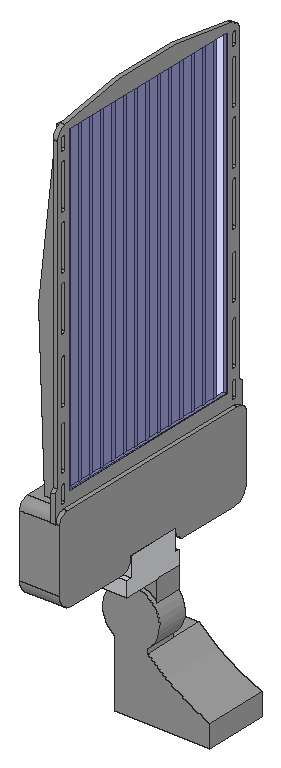
Revit family "Alcon-11430-L-Revit-Family", category Generic Models, host Face, Revit 2025
Family settings
  Host = Face
  Can host rebar = No
  Round Connector Dimension = Use Diameter
  Part Type = Normal
  Cut with Voids When Loaded = No
  Maintain Annotation Orientation = No
  Shared = No
  Room Calculation Point = No
Parameters
  URL = "https://www.alconlighting.com/"
  Product Page = "https://www.alconlighting.com/11403-l.html"
  Model = "11403-L"
  Manufacturer = "Alcon Lighting"
  Housing = Default
  Fixture Rotation = -90.00°
  Default Elevation = 4' - 0"
Reference planes (in)
  plane 1 "Center (Front/Back)": y = 0
  plane 2: z = 0
  plane 3 "Center (Left/Right)": x = 0
Forms (in)
  Extrusion 1, void
    sketch origin (0, 1.78036, 0) x (-1, 0, 0) y (0, 0, -1)
      loop
        line (0.91977, -3.51132) -> (-0.91977, -3.51132) -> (-0.91977, -3.76132)
        arc (-0.91977, -3.76132) -> (0, -6.63158) -> (0.91977, -3.76132) r 1.5825
        line (0.91977, -3.76132) -> (0.91977, -3.51132)
    from -0.01749 to 1.81641
  Extrusion 2, solid, material "Default" <- "Housing"
    sketch origin (0, 0.01855, 0) x (-1, 0, 0) y (0, 0, -1)
      loop
        line (-4.4084, 0) -> (-4.4084, -1.25)
        arc (-4.4084, -1.25) -> (-2.54195, -2.19223) -> (-0.91977, -3.51132) r 9.73386
        line (-0.91977, -3.51132) -> (-0.91977, -3.76132)
        arc (-0.91977, -3.76132) -> (0, -6.63158) -> (0.91977, -3.76132) r 1.5825
        line (0.91977, -3.76132) -> (0.91977, 0) -> (-4.4084, 0)
    from -1.7793 to 1.81641
Cuts and joins
  Extrusion 1 cuts Extrusion 2
Lines and regions (in)
  reference lines
    curve 1: line (9.5, 0, 5.04908) -> (-12.75, 0, 5.04908)
Dimensions and locks (in)
  "Fixture Rotation": angle nested 1 to curve 1
  aligned and locked: plane 2 to host face
  aligned and locked: level to host face
Automatic sketch dimensions
  host sketch curve to host sketch curve = 8' - 0"  (x2)
  level to curve 1 = 0' - 5.04908"
  curve 1 to plane 3 "Center (Left/Right)" = 1' - 0 3/4"
  plane 3 "Center (Left/Right)" to curve 1 = 0' - 9 1/2"
  Extrusion 1 sketch curve to plane 3 "Center (Left/Right)" = 0' - 0"
  plane 3 "Center (Left/Right)" to Extrusion 1 sketch curve = 0' - 0.91977"
  Extrusion 1 sketch curve to plane 3 "Center (Left/Right)" = 0' - 0.91977"
  level to Extrusion 1 sketch curve = 0' - 5.04908"
  Extrusion 1 sketch curve to Extrusion 1 sketch curve = 0' - 1.28776"
  Extrusion 1 sketch curve to Extrusion 1 sketch curve = 0' - 0 1/4"
  Extrusion 2 sketch curve to level = 0' - 0"
  Extrusion 2 sketch curve to plane 3 "Center (Left/Right)" = 0' - 0"
  plane 3 "Center (Left/Right)" to Extrusion 2 sketch curve = 0' - 0.91977"
  plane 3 "Center (Left/Right)" to Extrusion 2 sketch curve = 0' - 4.4084"
  plane 3 "Center (Left/Right)" to Extrusion 2 sketch curve = 0' - 7.83643"
  Extrusion 2 sketch curve to plane 3 "Center (Left/Right)" = 0' - 0.91977"
  Extrusion 2 sketch curve to Extrusion 2 sketch curve = 0' - 1 1/4"
  level to Extrusion 2 sketch curve = 0' - 3.51132"
  Extrusion 2 sketch curve to Extrusion 2 sketch curve = 0' - 0 1/4"
  Extrusion 2 sketch curve to Extrusion 2 sketch curve = 0' - 1.28776"
Nested families (in)
  nested 1: "Alcon-11430-L-Housing-Revit-Family" at (0, -1.79785, 5.04908) x (0, 0, -1) z (0, -1, 0), type "Alcon-11430-L-Housing-Revit-Family"
    with built-in parameter 1001306 0.75 (stored number, unit not read)
Definition of nested family "Alcon-11430-L-Housing-Revit-Family"
  Parameters (values of type "Alcon-11430-L-Housing-Revit-Family")
    Lens = none
    built-in parameter 1001306 [instance] = 4' - 0"
    Housing = none
    Default Elevation = 0' - 0"
  Reference planes (in)
    plane 1 "Center (Front/Back)": y = 0
    plane 2: z = 0
    plane 3 "Left": x = 0
    plane 4 "Right": x = 48
  Forms (in)
    Extrusion 1, solid, material <- "Housing"
      sketch origin (0, 1.21523, 1.87728) x (0, 0, 1) y (1, 0, 0)
        loop
          arc (4.60888, -4.25193) -> (4.36966, -3.6744) -> (3.79213, -3.43518) r 0.81675
          line (3.79213, -3.43518) -> (0.30348, -3.43518)
          arc (0.30348, -3.43518) -> (-0.12206, -3.61144) -> (-0.29832, -4.03698) r 0.6018
          line (-0.29832, -4.03698) -> (-0.29832, -4.1739) -> (-3.48038, -4.1739) -> (-3.48038, -4.02126)
          arc (-3.48038, -4.02126) -> (-3.65204, -3.60684) -> (-4.06647, -3.43518) r 0.58609
          line (-4.06647, -3.43518) -> (-7.52581, -3.43518)
          arc (-7.52581, -3.43518) -> (-8.13767, -3.68862) -> (-8.39112, -4.30049) r 0.86531
          line (-8.39112, -4.30049) -> (-8.39112, -7.76607)
          arc (-8.39112, -7.76607) -> (-8.22944, -8.1564) -> (-7.83911, -8.31808) r 0.55201
          line (-7.83911, -8.31808) -> (4.0802, -8.31808)
          arc (4.0802, -8.31808) -> (4.45403, -8.16323) -> (4.60888, -7.7894) r 0.52868
          line (4.60888, -7.7894) -> (4.60888, -4.25193)
      from 0 to -2.23062
    Extrusion 2, solid, material <- "Housing"
      sketch origin (0, -0.25, 0) x (0, 0, 1) y (-1, 0, 0)
        loop
          line (-6.51384, 9.30168) -> (-6.51384, 7.76607)
          arc (-6.51384, 7.76607) -> (-6.35216, 8.1564) -> (-5.96183, 8.31808) r 0.55201
          line (-5.96183, 8.31808) -> (5.95748, 8.31808)
          arc (5.95748, 8.31808) -> (6.33132, 8.16323) -> (6.48616, 7.7894) r 0.52868
          line (6.48616, 7.7894) -> (6.48616, 9.2982) -> (6.3059, 9.47846) -> (6.3059, 26.85198)
          arc (6.3059, 26.85198) -> (6.16546, 27.25935) -> (5.80381, 27.49362) r 0.66104
          arc (5.80381, 27.49362) -> (-0.03659, 28.20369) -> (-5.87574, 27.48348) r 24.20128
          arc (-5.87574, 27.48348) -> (-6.20806, 27.26759) -> (-6.33706, 26.89289) r 0.60871
          line (-6.33706, 26.89289) -> (-6.33706, 9.47846) -> (-6.51384, 9.30168)
        loop
          arc (5.80835, 8.64573) -> (5.83559, 8.57997) -> (5.90136, 8.55272) r 0.09301
          line (5.90136, 8.55272) -> (6.01248, 8.55272)
          arc (6.01248, 8.55272) -> (6.07756, 8.57968) -> (6.10452, 8.64476) r 0.09204
          line (6.10452, 8.64476) -> (6.10452, 9.47215)
          arc (6.10452, 9.47215) -> (6.06752, 9.56148) -> (5.97819, 9.59848) r 0.12633
          line (5.97819, 9.59848) -> (5.90899, 9.59848)
          arc (5.90899, 9.59848) -> (5.83783, 9.569) -> (5.80835, 9.49784) r 0.10064
          line (5.80835, 9.49784) -> (5.80835, 8.64573)
        loop
          arc (5.80835, 10.22199) -> (5.83559, 10.15622) -> (5.90136, 10.12898) r 0.09301
          line (5.90136, 10.12898) -> (6.01248, 10.12898)
          arc (6.01248, 10.12898) -> (6.07756, 10.15594) -> (6.10452, 10.22102) r 0.09204
          line (6.10452, 10.22102) -> (6.10452, 12.54841)
          arc (6.10452, 12.54841) -> (6.06752, 12.63774) -> (5.97819, 12.67474) r 0.12633
          line (5.97819, 12.67474) -> (5.90899, 12.67474)
          arc (5.90899, 12.67474) -> (5.83783, 12.64526) -> (5.80835, 12.5741) r 0.10064
          line (5.80835, 12.5741) -> (5.80835, 10.22199)
        loop
          arc (5.80835, 23.26866) -> (5.83559, 23.2029) -> (5.90136, 23.17565) r 0.09301
          line (5.90136, 23.17565) -> (6.01248, 23.17565)
          arc (6.01248, 23.17565) -> (6.07756, 23.20261) -> (6.10452, 23.26769) r 0.09204
          line (6.10452, 23.26769) -> (6.10452, 25.63164)
          arc (6.10452, 25.63164) -> (6.06752, 25.72096) -> (5.97819, 25.75796) r 0.12633
          line (5.97819, 25.75796) -> (5.90899, 25.75796)
          arc (5.90899, 25.75796) -> (5.83783, 25.72849) -> (5.80835, 25.65733) r 0.10064
          line (5.80835, 25.65733) -> (5.80835, 23.26866)
        loop
          arc (5.80835, 26.31267) -> (5.83559, 26.2469) -> (5.90136, 26.21966) r 0.09301
          line (5.90136, 26.21966) -> (6.01248, 26.21966)
          arc (6.01248, 26.21966) -> (6.07756, 26.24661) -> (6.10452, 26.31169) r 0.09204
          line (6.10452, 26.31169) -> (6.10452, 26.88908)
          arc (6.10452, 26.88908) -> (6.06752, 26.97841) -> (5.97819, 27.01541) r 0.12633
          line (5.97819, 27.01541) -> (5.90899, 27.01541)
          arc (5.90899, 27.01541) -> (5.83783, 26.98594) -> (5.80835, 26.91477) r 0.10064
          line (5.80835, 26.91477) -> (5.80835, 26.31267)
        loop
          arc (-6.13201, 8.64573) -> (-6.10477, 8.57997) -> (-6.039, 8.55272) r 0.09301
          line (-6.039, 8.55272) -> (-5.92788, 8.55272)
          arc (-5.92788, 8.55272) -> (-5.8628, 8.57968) -> (-5.83584, 8.64476) r 0.09204
          line (-5.83584, 8.64476) -> (-5.83584, 9.47215)
          arc (-5.83584, 9.47215) -> (-5.87284, 9.56148) -> (-5.96217, 9.59848) r 0.12633
          line (-5.96217, 9.59848) -> (-6.03137, 9.59848)
          arc (-6.03137, 9.59848) -> (-6.10253, 9.569) -> (-6.13201, 9.49784) r 0.10064
          line (-6.13201, 9.49784) -> (-6.13201, 8.64573)
        loop
          arc (-6.13201, 10.22199) -> (-6.10477, 10.15622) -> (-6.039, 10.12898) r 0.09301
          line (-6.039, 10.12898) -> (-5.92788, 10.12898)
          arc (-5.92788, 10.12898) -> (-5.8628, 10.15594) -> (-5.83584, 10.22102) r 0.09204
          line (-5.83584, 10.22102) -> (-5.83584, 12.54841)
          arc (-5.83584, 12.54841) -> (-5.87284, 12.63774) -> (-5.96217, 12.67474) r 0.12633
          line (-5.96217, 12.67474) -> (-6.03137, 12.67474)
          arc (-6.03137, 12.67474) -> (-6.10253, 12.64526) -> (-6.13201, 12.5741) r 0.10064
          line (-6.13201, 12.5741) -> (-6.13201, 10.22199)
        loop
          arc (-6.13201, 23.26866) -> (-6.10477, 23.2029) -> (-6.039, 23.17565) r 0.09301
          line (-6.039, 23.17565) -> (-5.92788, 23.17565)
          arc (-5.92788, 23.17565) -> (-5.8628, 23.20261) -> (-5.83584, 23.26769) r 0.09204
          line (-5.83584, 23.26769) -> (-5.83584, 25.63164)
          arc (-5.83584, 25.63164) -> (-5.87284, 25.72096) -> (-5.96217, 25.75796) r 0.12633
          line (-5.96217, 25.75796) -> (-6.03137, 25.75796)
          arc (-6.03137, 25.75796) -> (-6.10253, 25.72849) -> (-6.13201, 25.65733) r 0.10064
          line (-6.13201, 25.65733) -> (-6.13201, 23.26866)
        loop
          arc (-6.13201, 26.31267) -> (-6.10477, 26.2469) -> (-6.039, 26.21966) r 0.09301
          line (-6.039, 26.21966) -> (-5.92788, 26.21966)
          arc (-5.92788, 26.21966) -> (-5.8628, 26.24661) -> (-5.83584, 26.31169) r 0.09204
          line (-5.83584, 26.31169) -> (-5.83584, 26.88908)
          arc (-5.83584, 26.88908) -> (-5.87284, 26.97841) -> (-5.96217, 27.01541) r 0.12633
          line (-5.96217, 27.01541) -> (-6.03137, 27.01541)
          arc (-6.03137, 27.01541) -> (-6.10253, 26.98594) -> (-6.13201, 26.91477) r 0.10064
          line (-6.13201, 26.91477) -> (-6.13201, 26.31267)
        loop
          line (-5.5509, 27.1665) -> (-5.5509, 9.03342) -> (5.54762, 9.03342) -> (5.54762, 27.1665) -> (-5.5509, 27.1665)
        loop
          arc (5.80835, 20.22466) -> (5.83559, 20.15889) -> (5.90136, 20.13165) r 0.09301
          line (5.90136, 20.13165) -> (6.01248, 20.13165)
          arc (6.01248, 20.13165) -> (6.07756, 20.15861) -> (6.10452, 20.22369) r 0.09204
          line (6.10452, 20.22369) -> (6.10452, 22.58763)
          arc (6.10452, 22.58763) -> (6.06752, 22.67696) -> (5.97819, 22.71396) r 0.12633
          line (5.97819, 22.71396) -> (5.90899, 22.71396)
          arc (5.90899, 22.71396) -> (5.83783, 22.68448) -> (5.80835, 22.61332) r 0.10064
          line (5.80835, 22.61332) -> (5.80835, 20.22466)
        loop
          arc (-6.13201, 20.22466) -> (-6.10477, 20.15889) -> (-6.039, 20.13165) r 0.09301
          line (-6.039, 20.13165) -> (-5.92788, 20.13165)
          arc (-5.92788, 20.13165) -> (-5.8628, 20.15861) -> (-5.83584, 20.22369) r 0.09204
          line (-5.83584, 20.22369) -> (-5.83584, 22.58763)
          arc (-5.83584, 22.58763) -> (-5.87284, 22.67696) -> (-5.96217, 22.71396) r 0.12633
          line (-5.96217, 22.71396) -> (-6.03137, 22.71396)
          arc (-6.03137, 22.71396) -> (-6.10253, 22.68448) -> (-6.13201, 22.61332) r 0.10064
          line (-6.13201, 22.61332) -> (-6.13201, 20.22466)
        loop
          arc (5.80835, 17.18066) -> (5.83559, 17.11489) -> (5.90136, 17.08765) r 0.09301
          line (5.90136, 17.08765) -> (6.01248, 17.08765)
          arc (6.01248, 17.08765) -> (6.07756, 17.1146) -> (6.10452, 17.17968) r 0.09204
          line (6.10452, 17.17968) -> (6.10452, 19.54363)
          arc (6.10452, 19.54363) -> (6.06752, 19.63296) -> (5.97819, 19.66996) r 0.12633
          line (5.97819, 19.66996) -> (5.90899, 19.66996)
          arc (5.90899, 19.66996) -> (5.83783, 19.64048) -> (5.80835, 19.56932) r 0.10064
          line (5.80835, 19.56932) -> (5.80835, 17.18066)
        loop
          arc (-6.13201, 17.18066) -> (-6.10477, 17.11489) -> (-6.039, 17.08765) r 0.09301
          line (-6.039, 17.08765) -> (-5.92788, 17.08765)
          arc (-5.92788, 17.08765) -> (-5.8628, 17.1146) -> (-5.83584, 17.17968) r 0.09204
          line (-5.83584, 17.17968) -> (-5.83584, 19.54363)
          arc (-5.83584, 19.54363) -> (-5.87284, 19.63296) -> (-5.96217, 19.66996) r 0.12633
          line (-5.96217, 19.66996) -> (-6.03137, 19.66996)
          arc (-6.03137, 19.66996) -> (-6.10253, 19.64048) -> (-6.13201, 19.56932) r 0.10064
          line (-6.13201, 19.56932) -> (-6.13201, 17.18066)
        loop
          arc (5.80835, 13.50724) -> (5.83559, 13.44147) -> (5.90136, 13.41423) r 0.09301
          line (5.90136, 13.41423) -> (6.01248, 13.41423)
          arc (6.01248, 13.41423) -> (6.07756, 13.44118) -> (6.10452, 13.50626) r 0.09204
          line (6.10452, 13.50626) -> (6.10452, 15.87021)
          arc (6.10452, 15.87021) -> (6.06752, 15.95953) -> (5.97819, 15.99654) r 0.12633
          line (5.97819, 15.99654) -> (5.90899, 15.99654)
          arc (5.90899, 15.99654) -> (5.83783, 15.96706) -> (5.80835, 15.8959) r 0.10064
          line (5.80835, 15.8959) -> (5.80835, 13.50724)
        loop
          arc (-6.13201, 13.50724) -> (-6.10477, 13.44147) -> (-6.039, 13.41423) r 0.09301
          line (-6.039, 13.41423) -> (-5.92788, 13.41423)
          arc (-5.92788, 13.41423) -> (-5.8628, 13.44118) -> (-5.83584, 13.50626) r 0.09204
          line (-5.83584, 13.50626) -> (-5.83584, 15.87021)
          arc (-5.83584, 15.87021) -> (-5.87284, 15.95953) -> (-5.96217, 15.99654) r 0.12633
          line (-5.96217, 15.99654) -> (-6.03137, 15.99654)
          arc (-6.03137, 15.99654) -> (-6.10253, 15.96706) -> (-6.13201, 15.8959) r 0.10064
          line (-6.13201, 15.8959) -> (-6.13201, 13.50724)
      from -1.21523 to -0.96523
    Extrusion 3, solid, material <- "Housing"
      sketch origin (0, 1.46523, -0.28589) x (-1, 0, 0) y (0, -1, 0)
        loop
          line (8.31808, 0.75) -> (27.1665, 0.75) -> (27.1665, 1.15338)
          arc (27.1665, 1.15338) -> (17.76723, 2.16764) -> (8.31808, 1.86999) r 68.07664
          line (8.31808, 1.86999) -> (8.31808, 0.75)
      from -5.26501 to 5.83352
    Extrusion 4, solid, material <- "Lens"
      sketch origin (0, 0.96523, 0) x (0, 0, -1) y (-1, 0, 0)
        loop
          line (-5.54762, 27.1665) -> (-5.54762, 9.03342) -> (5.5509, 9.03342) -> (5.5509, 27.1665) -> (-5.54762, 27.1665)
      from 0 to -0.03698
    Extrusion 5, solid
      sketch origin (-2.16318, -1.01539, -0.28589) x (1, 0, 0) y (0, 0, 1)
        loop
          line (0, 2.09337) -> (-0.83682, 2.09337) -> (-0.83682, 1.77838) -> (-1.95094, 1.77838) -> (-1.95094, -1.27158) -> (-0.7984, -1.27158) -> (-0.7984, -1.52158) -> (0, -1.52158) -> (0, 2.09337)
      from 0 to -2.23047
    Extrusion 6, solid, material <- "Housing"
      sketch origin (0, 1.21523, -0.28589) x (-1, 0, 0) y (0, -1, 0)
        loop
          arc (1.10408, 2.23062) -> (-1.49244, 1.36561) -> (0.87932, 0) r 1.5
          line (0.87932, 0) -> (2.16318, 0) -> (2.16318, 2.23062) -> (1.10408, 2.23062)
      from 0 to -1.52158
    Extrusion 7, void
      sketch origin (0, 0.71523, -0.28589) x (0, 0, -1) y (-1, 0, 0)
        loop
          line (-4.86475, 8.27234) -> (-4.86475, 27.64579)
          arc (-4.86475, 27.64579) -> (-5.14918, 27.60336) -> (-5.43324, 27.55854) r 34.01937
          line (-5.43324, 27.55854) -> (-5.43324, 8.27234) -> (-4.86475, 8.27234)
        loop
          line (-4.08155, 8.27234) -> (-4.08155, 27.76478)
          arc (-4.08155, 27.76478) -> (-4.39627, 27.72519) -> (-4.71061, 27.68266) r 34.02871
          line (-4.71061, 27.68266) -> (-4.71061, 8.27234) -> (-4.08155, 8.27234)
        loop
          line (-3.28541, 8.27234) -> (-3.28541, 27.85597)
          arc (-3.28541, 27.85597) -> (-3.60389, 27.82345) -> (-3.92205, 27.78794) r 34.0363
          line (-3.92205, 27.78794) -> (-3.92205, 8.27234) -> (-3.28541, 8.27234)
        loop
          line (-2.49574, 8.27234) -> (-2.49574, 27.93403)
          arc (-2.49574, 27.93403) -> (-2.81418, 27.90914) -> (-3.13238, 27.88126) r 34.04287
          line (-3.13238, 27.88126) -> (-3.13238, 8.27234) -> (-2.49574, 8.27234)
        loop
          line (-1.70607, 8.27234) -> (-1.70607, 27.9809)
          arc (-1.70607, 27.9809) -> (-2.02448, 27.96323) -> (-2.34271, 27.94259) r 34.04665
          line (-2.34271, 27.94259) -> (-2.34271, 8.27234) -> (-1.70607, 8.27234)
        loop
          line (-0.91641, 8.27234) -> (-0.91641, 28.01309)
          arc (-0.91641, 28.01309) -> (-1.23478, 28.00303) -> (-1.55304, 27.99) r 34.05006
          line (-1.55304, 27.99) -> (-1.55304, 8.27234) -> (-0.91641, 8.27234)
        loop
          line (-0.12674, 8.27234) -> (-0.12674, 28.02274)
          arc (-0.12674, 28.02274) -> (-0.44507, 28.01998) -> (-0.76337, 28.01425) r 34.05143
          line (-0.76337, 28.01425) -> (-0.76337, 8.27234) -> (-0.12674, 8.27234)
        loop
          line (0.66293, 8.27234) -> (0.66293, 28.02601)
          arc (0.66293, 28.02601) -> (0.34463, 28.03062) -> (0.0263, 28.03224) r 34.05296
          line (0.0263, 28.03224) -> (0.0263, 8.27234) -> (0.66293, 8.27234)
        loop
          line (1.4526, 8.27234) -> (1.4526, 27.99562)
          arc (1.4526, 27.99562) -> (1.13434, 28.00773) -> (0.81597, 28.01687) r 34.05151
          line (0.81597, 28.01687) -> (0.81597, 8.27234) -> (1.4526, 8.27234)
        loop
          line (2.24227, 8.27234) -> (2.24227, 27.95058)
          arc (2.24227, 27.95058) -> (1.92404, 27.97001) -> (1.60564, 27.98647) r 34.04885
          line (1.60564, 27.98647) -> (1.60564, 8.27234) -> (2.24227, 8.27234)
        loop
          line (3.03194, 8.27234) -> (3.03194, 27.88673)
          arc (3.03194, 27.88673) -> (2.71374, 27.91366) -> (2.39531, 27.9376) r 34.04444
          line (2.39531, 27.9376) -> (2.39531, 8.27234) -> (3.03194, 8.27234)
        loop
          line (3.82161, 8.27234) -> (3.82161, 27.79434)
          arc (3.82161, 27.79434) -> (3.50345, 27.82872) -> (3.18498, 27.86011) r 34.03879
          line (3.18498, 27.86011) -> (3.18498, 8.27234) -> (3.82161, 8.27234)
        loop
          line (4.61128, 8.27234) -> (4.61128, 27.69425)
          arc (4.61128, 27.69425) -> (4.29315, 27.73617) -> (3.97465, 27.77508) r 34.03157
          line (3.97465, 27.77508) -> (3.97465, 8.27234) -> (4.61128, 8.27234)
        loop
          line (5.40095, 8.27234) -> (5.40095, 27.56337)
          arc (5.40095, 27.56337) -> (5.08286, 27.61297) -> (4.76432, 27.65957) r 34.02233
          line (4.76432, 27.65957) -> (4.76432, 8.27234) -> (5.40095, 8.27234)
      from 0 to -1.53384
  Cuts and joins
    Extrusion 7 cuts Extrusion 3
  Lines and regions (in)
    reference lines
      curve 1: line (0, 0, 0) -> (48, 0, 0)
    model lines
      curve 2: line (0, 0, 0) -> (-32.5, 0, 0)
  Dimensions and locks (in)
    "built-in parameter 1001306": plane 3 "Left" to plane 4 "Right"
    aligned and locked: plane 4 "Right" to curve 1
    aligned and locked: plane 1 "Center (Front/Back)" to curve 1
    aligned and locked: plane 3 "Left" to curve 1
    aligned and locked: level to plane 2
  Automatic sketch dimensions
    Extrusion 1 sketch curve to level = 0' - 6.51384"
    Extrusion 1 sketch curve to Extrusion 1 sketch curve = 0' - 0.55201"
    Extrusion 1 sketch curve to Extrusion 1 sketch curve = 0' - 0.86531"
    Extrusion 1 sketch curve to level = 0' - 2.18919"
    Extrusion 1 sketch curve to Extrusion 1 sketch curve = 0' - 0.58609"
    level to Extrusion 1 sketch curve = 0' - 1.57896"
    Extrusion 1 sketch curve to Extrusion 1 sketch curve = 0' - 0.6018"
    Extrusion 1 sketch curve to Extrusion 1 sketch curve = 0' - 3.48865"
    Extrusion 1 sketch curve to Extrusion 1 sketch curve = 0' - 0.28807"
    Extrusion 1 sketch curve to Extrusion 1 sketch curve = 0' - 0.52868"
    Extrusion 1 sketch curve to plane 3 "Left" = 0' - 8.31808"
    Extrusion 1 sketch curve to Extrusion 1 sketch curve = 0' - 3.46558"
    Extrusion 1 sketch curve to Extrusion 1 sketch curve = 0' - 3.53747"
    Extrusion 1 sketch curve to Extrusion 1 sketch curve = 0' - 0.13692"
    Extrusion 2 to Extrusion 4 sketch curve = 0' - 0"
    Extrusion 4 sketch curve to Extrusion 2 = 0' - 0"  (x3)
    Extrusion 5 sketch curve to Extrusion 6 = 0' - 0"  (x2)
    Extrusion 6 to Extrusion 5 sketch curve = 0' - 0 1/4"
    Extrusion 5 sketch curve to Extrusion 6 = 0' - 0.7984"
    Extrusion 5 sketch curve to Extrusion 5 sketch curve = 0' - 0.83682"
    Extrusion 5 sketch curve to Extrusion 5 sketch curve = 0' - 1.15254"
    Extrusion 5 sketch curve to Extrusion 6 = 0' - 1.77838"
    Extrusion 5 sketch curve to Extrusion 5 sketch curve = 0' - 0.31498"
    plane 1 "Center (Front/Back)" to Extrusion 6 sketch curve = 0' - 0"
    Extrusion 6 sketch curve to plane 3 "Left" = 0' - 0"
    Extrusion 6 sketch curve to plane 3 "Left" = 0' - 0.87932"
    Extrusion 6 sketch curve to plane 3 "Left" = 0' - 1.10408"
    Extrusion 6 sketch curve to Extrusion 6 sketch curve = 0' - 1.0591"
    Extrusion 6 sketch curve to plane 1 "Center (Front/Back)" = 0' - 1.21523"
    Extrusion 7 sketch curve to Extrusion 2 = 0' - 0.04574"  (x14)
    Extrusion 7 sketch curve to Extrusion 2 = 0' - 0.40028"
    Extrusion 7 sketch curve to Extrusion 7 sketch curve = 0' - 0.56849"
    Extrusion 7 sketch curve to Extrusion 7 sketch curve = 0' - 0.15415"
    Extrusion 7 sketch curve to Extrusion 7 sketch curve = 0' - 0.62906"
    Extrusion 7 sketch curve to Extrusion 7 sketch curve = 0' - 0.1595"
    Extrusion 7 sketch curve to Extrusion 7 sketch curve = 0' - 0.63663"  (x11)
    Extrusion 7 sketch curve to Extrusion 7 sketch curve = 0' - 0.15304"  (x11)
    Extrusion 7 sketch curve to Extrusion 2 = 0' - 5.26748"
    Extrusion 7 sketch curve to Extrusion 7 sketch curve = 0' - 0.00101"
    Extrusion 7 sketch curve to Extrusion 7 sketch curve = 0' - 0.00072"
    Extrusion 7 sketch curve to Extrusion 7 sketch curve = 0' - 0.00032"
    Extrusion 7 sketch curve to Extrusion 7 sketch curve = 0' - 0.00327"
    Extrusion 7 sketch curve to Extrusion 7 sketch curve = 0' - 0.00593"
    Extrusion 7 sketch curve to Extrusion 7 sketch curve = 0' - 0.00398"
    Extrusion 7 sketch curve to Extrusion 7 sketch curve = 0' - 0.00096"
    Extrusion 7 sketch curve to Extrusion 7 sketch curve = 0' - 0.00179"
    Extrusion 7 sketch curve to Extrusion 7 sketch curve = 0' - 0.00368"
    Extrusion 7 sketch curve to Extrusion 7 sketch curve = 0' - 0.00312"
    Extrusion 7 sketch curve to Extrusion 7 sketch curve = 0' - 0.00045"
    Extrusion 7 sketch curve to Extrusion 7 sketch curve = 0' - 0.00156"
    Extrusion 7 sketch curve to Extrusion 7 sketch curve = 0' - 0.00733"
    Extrusion 2 to Extrusion 7 sketch curve = 0' - 0.13594"
    Extrusion 7 sketch curve to Extrusion 7 sketch curve = 1' - 2.2896"
    Extrusion 7 sketch curve to Extrusion 7 sketch curve = 0' - 0.00015"
    Extrusion 7 sketch curve to Extrusion 7 sketch curve = 0' - 0.00286"
    Extrusion 7 sketch curve to Extrusion 7 sketch curve = 0' - 0.00058"
    Extrusion 7 sketch curve to Extrusion 7 sketch curve = 0' - 0.00183"
    Extrusion 7 sketch curve to Extrusion 7 sketch curve = 0' - 0.00153"
    Extrusion 7 sketch curve to Extrusion 7 sketch curve = 0' - 0.00523"
    Extrusion 7 sketch curve to Extrusion 7 sketch curve = 0' - 0.00169"
    Extrusion 7 sketch curve to Extrusion 7 sketch curve = 0' - 0.00201"
    Extrusion 7 sketch curve to Extrusion 7 sketch curve = 0' - 0.00017"
    Extrusion 7 sketch curve to Extrusion 7 sketch curve = 0' - 0.00051"
    Extrusion 7 sketch curve to Extrusion 7 sketch curve = 0' - 0.0028"
    Extrusion 7 sketch curve to Extrusion 7 sketch curve = 0' - 0.00357"
    Extrusion 7 sketch curve to Extrusion 7 sketch curve = 0' - 0.00145"
    Extrusion 2 to Extrusion 7 sketch curve = 0' - 0.39203"
    Extrusion 2 to Extrusion 7 sketch curve = 0' - 0.39686"
    Extrusion 7 sketch curve to Extrusion 7 sketch curve = 0' - 0.03687"
    Extrusion 7 sketch curve to Extrusion 7 sketch curve = 0' - 0.03468"
    Extrusion 7 sketch curve to Extrusion 7 sketch curve = 0' - 0.02316"
    Extrusion 7 sketch curve to Extrusion 7 sketch curve = 0' - 0.01926"
    Extrusion 7 sketch curve to Extrusion 7 sketch curve = 0' - 0.02529"
    Extrusion 7 sketch curve to Extrusion 7 sketch curve = 0' - 0.02662"
    Extrusion 7 sketch curve to Extrusion 7 sketch curve = 0' - 0.00856"
    Extrusion 7 sketch curve to Extrusion 7 sketch curve = 0' - 0.01298"
    Extrusion 7 sketch curve to Extrusion 7 sketch curve = 0' - 0.0091"
    Extrusion 7 sketch curve to Extrusion 7 sketch curve = 0' - 0.00915"  (x2)
    Extrusion 7 sketch curve to Extrusion 7 sketch curve = 0' - 0.00116"
    curve 2 to level = 0' - 0"
    curve 2 to plane 3 "Left" = 0' - 0"
    Extrusion 2 sketch curve to level = 0' - 6.51384"
    Extrusion 2 sketch curve to Extrusion 2 sketch curve = 0' - 0.17678"
    Extrusion 2 sketch curve to Extrusion 2 sketch curve = 0' - 0.20505"  (x4)
    Extrusion 2 sketch curve to Extrusion 2 sketch curve = 0' - 0"  (x10)
    Extrusion 2 sketch curve to Extrusion 2 sketch curve = 0' - 0.09301"  (x14)
    Extrusion 2 sketch curve to Extrusion 2 sketch curve = 0' - 0.10064"  (x14)
    Extrusion 2 sketch curve to Extrusion 2 sketch curve = 0' - 0.0692"  (x14)
    Extrusion 2 sketch curve to Extrusion 2 sketch curve = 0' - 0.07717"
    Extrusion 2 sketch curve to Extrusion 2 sketch curve = 0' - 0.11112"  (x14)
    Extrusion 2 sketch curve to Extrusion 2 sketch curve = 0' - 0.12633"  (x9)
    Extrusion 2 sketch curve to Extrusion 2 sketch curve = 0' - 0.09204"  (x5)
    Extrusion 2 sketch curve to Extrusion 2 sketch curve = 0' - 0.1075"
    Extrusion 2 sketch curve to Extrusion 2 sketch curve = 0' - 0.28494"
    Extrusion 2 sketch curve to level = 0' - 0.01558"
    level to Extrusion 2 sketch curve = 0' - 5.54762"
    Extrusion 2 sketch curve to Extrusion 2 sketch curve = 0' - 0.09724"
    level to Extrusion 2 sketch curve = 0' - 5.80835"
    Extrusion 2 sketch curve to Extrusion 2 sketch curve = 0' - 0.26073"
    Extrusion 2 sketch curve to Extrusion 2 sketch curve = 0' - 0.16349"
    Extrusion 2 sketch curve to Extrusion 2 sketch curve = 0' - 0.05612"
    Extrusion 2 sketch curve to Extrusion 2 sketch curve = 0' - 0.20138"
    Extrusion 2 sketch curve to Extrusion 2 sketch curve = 0' - 0.18026"
    Extrusion 2 sketch curve to plane 3 "Left" = 0' - 4.00242"
    Extrusion 2 sketch curve to Extrusion 2 sketch curve = 0' - 3.76365"
    Extrusion 2 sketch curve to Extrusion 2 sketch curve = 0' - 3.78698"
    Extrusion 2 sketch curve to Extrusion 2 sketch curve = 0' - 0.55201"
    Extrusion 2 sketch curve to Extrusion 2 sketch curve = 0' - 0.23464"  (x2)
    Extrusion 2 sketch curve to Extrusion 2 sketch curve = 0' - 0.38866"
    Extrusion 2 sketch curve to Extrusion 2 sketch curve = 0' - 0.65344"
    Extrusion 2 sketch curve to Extrusion 2 sketch curve = 0' - 0.65595"
    Extrusion 2 sketch curve to Extrusion 2 sketch curve = 0' - 0.17047"
    Extrusion 2 sketch curve to Extrusion 2 sketch curve = 0' - 0.17395"
    Extrusion 2 sketch curve to Extrusion 2 sketch curve = 0' - 0.00631"
    Extrusion 2 sketch curve to Extrusion 2 sketch curve = 0' - 0.01938"
    Extrusion 2 sketch curve to Extrusion 2 sketch curve = 0' - 0.5305"  (x2)
    Extrusion 2 sketch curve to Extrusion 2 sketch curve = 0' - 2.32739"  (x2)
    Extrusion 2 sketch curve to Extrusion 2 sketch curve = 0' - 0.73949"  (x2)
    Extrusion 2 sketch curve to Extrusion 2 sketch curve = 0' - 2.36395"  (x8)
    Extrusion 2 sketch curve to Extrusion 2 sketch curve = 0' - 1.09111"  (x2)
    Extrusion 2 sketch curve to Extrusion 2 sketch curve = 0' - 0.46169"  (x6)
    Extrusion 2 sketch curve to Extrusion 2 sketch curve = 0' - 0.53931"
    Extrusion 2 sketch curve to Extrusion 2 sketch curve = 0' - 0.03711"
    Extrusion 2 sketch curve to Extrusion 2 sketch curve = 0' - 0.57739"
    Extrusion 2 sketch curve to Extrusion 2 sketch curve = 0' - 0.0038"
    Extrusion 2 sketch curve to Extrusion 2 sketch curve = 0' - 0.27362"
    curve 2 to curve 2 = 2' - 8 1/2"
    Extrusion 3 sketch curve to plane 1 "Center (Front/Back)" = 0' - 0.71523"
    Extrusion 3 sketch curve to plane 3 "Left" = 0' - 8.31808"
    Extrusion 3 sketch curve to plane 3 "Left" = 1' - 3.18088"
    Extrusion 3 sketch curve to Extrusion 3 sketch curve = 1' - 6.84842"
    Extrusion 3 sketch curve to Extrusion 3 sketch curve = 5' - 6.60985"
    Extrusion 3 sketch curve to plane 1 "Center (Front/Back)" = 0' - 0.31185"
